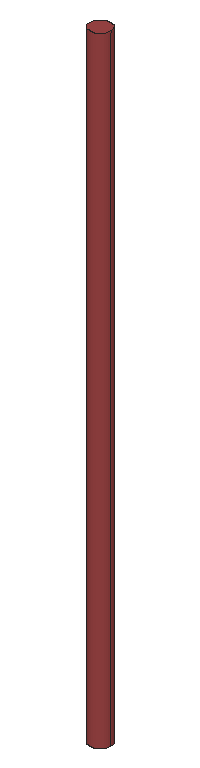
Revit family "CT_Pilar_Aco_Circular", category Structural Columns, Revit 2025
Family settings
  Section Shape = Not Defined
  Material for Model Behavior = Other
  Always export as geometry = No
  Beam cutback in plan = From bounding box
  OmniClass Number = 23.25.30.11.14.11
  OmniClass Title = Columns
  Cut with Voids When Loaded = No
  Symbolic Representation = From Family
  Shared = No
  Show family pre-cut in plan views = Yes
Parameters (values of type "PIL_010_FAC_MET_CIR")
  Diameter = 100.00 mm
  Material = CT_Estrutura_Metalica
  Offset Base = 0.00 mm
  Offset Top = 0.00 mm
Reference planes
  plane 1: y = 0
  plane 2: z = 0
  plane 3: x = 0
  plane 4: x = -50
  plane 5: x = 50
  plane 6: y = 50
  plane 7: y = -50
  plane 8: z = 3000
  plane 9: z = 0
Forms (mm)
  Extrusion 1, solid, material "CT_Estrutura_Metalica" <- "Material"
    sketch origin (0, 0, 0) x (1, 0, 0) y (0, 1, 0)
      loop
        arc (-50, 0) -> (0, -50) -> (50, 0) r 50
        arc (50, 0) -> (35.355, 35.355) -> (0, 50) r 50
        arc (0, 50) -> (-35.355, 35.355) -> (-50, 0) r 50
    from 0 to 3000
Dimensions and locks
  equal spacing: plane 4, plane 3, plane 5
  "Diameter": plane 4 to plane 5
  equal spacing: plane 6, plane 1, plane 7
  "Diameter": plane 7 to plane 6
  "Offset Base": plane 9 to level
  "Offset Top": level to plane 8
  aligned and locked: Extrusion 1 to plane 9
  aligned and locked: plane 8 to Extrusion 1
Automatic sketch dimensions
  Extrusion 1 sketch curve to plane 1 = 0.00 mm  (x2)
  Extrusion 1 sketch curve to plane 4 = 0.00 mm  (x2)
  Extrusion 1 sketch curve to plane 3 = 0.00 mm
